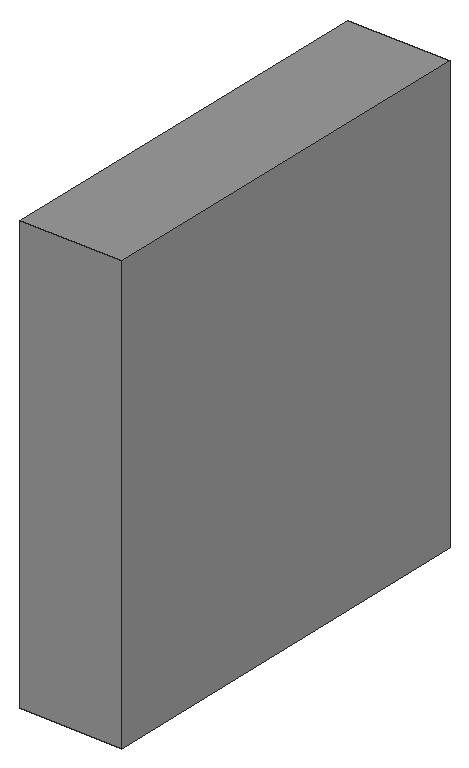
Revit family "PRE050018-FR", category Accessoire de canalisation, Revit 2017
Family settings
  Cote de connecteur circulaire = Utiliser le diamètre
  Type d'élément = Normal
  Basée sur le plan de construction = Non
  Toujours verticalement = Oui
  Couper avec des vides une fois chargée = Non
  Partagée = Non
Parameters (values of type "55130 PRESTO MITIGEUR PRESTO 5750 BEC STANDARD EMBASE TOURNANTE - PILE")
  Variantes = "55130-55131-55135-55136"
  LC = 20 mm
  Garantie = "3"
  URL Fabricant = "http://www.prestodatashare.com/centretelechargement/index.php?lang=FR&refs=55130"
  URL = "http://www.prestodatashare.com/centretelechargement/index.php?lang=FR&refs=55130"
  Lien notice d'utilisation = "http://www.prestodatashare.com/centretelechargement/support.php?lang=FR&ref=55130"
  Lien fiche produit = "http://www.prestodatashare.com/espacedoc/Fiches_Techniques/FR/55130.pdf"
  Reference = "55130"
  Pression = "1 à 5 bars"
  Polantis code = "PRE050018-FR"
  Perte de charge = 0.0 Pa
  Profondeur = 240 mm
  Modèle = "55130 PRESTO MITIGEUR PRESTO 5750 BEC STANDARD EMBASE TOURNANTE - PILE"
  Matériau = Laiton poli chromé
  Lien CCTP = "http://www.prestodatashare.com/centretelechargement/index.php?lang=FR&refs=55130"
  Largeur = 60 mm
  PC = 30 mm
  Hauteur = 256 mm
  Fonction = "Pression d'utilisation recommandée :\r\n- 1 à 5 bars\r\n\r\nDébit :\r\n- 8 l/mn par limiteur de débit intégré\r\n- Brise-jet laminaire\r\n- Dispositif anti-coup de bélier\r\n\r\nAlimentation hydraulique :\r\n- G 3/8'' (12x17)\r\n\r\nAlimentation électrique :\r\n- Pile lithium 6 volts type CRP2 dans boîtier déporté\r\n\r\nMatière et couleur de finition :\r\n- Corps en laiton chromé\r\n- Bec standard - embase tournante en laiton chromé\r\n\r\nRésistance thermique :\r\n- Résiste à une température de 75°C durant 30 minutes dans le cadre de chocs thermiques\r\n\r\nSécurité :\r\n- Fermeture automatique de l'électrovanne en cas d'écoulement > à 30s, d'usure de la pile ou de dégradation du détecteur\r\n- Ecoulement automatique de 30 secondes, 72 heures après la dernière utilisation\r\n\r\nLivré avec :\r\n- 1 Ecrou de fixation\r\n- 1 Joint et rondelle\r\n- 2 Flexibles PEX avec écrou femelle 3/8'' (12x17) avec Clapets anti-retour NF\r\n- 2 Robinets d'arrêts filtres et rosaces pour le montage applique équerre\r\n- 1 Autocollant de signalisation\r\n\r\nNormes / Agréments :\r\n- Laiton conforme aux normes NF EN1982, EN12164, NF EN12165\r\n- Résistant au brouillard salin 200 H (essai NSS) conformément à la norme NF ISO 9227"
  Flux = 0.133333 L/s
  Finition = "Corps en laiton chromé\r\r\nBec standard tournant en laiton chromé"
  Fabricant = "LES ROBINETS PRESTO S.A."
  Diamètre Nominal = 12 mm
  Description = "Mitigeur à détection (CE) sur plage avec sélecteur de température latérale. De type Presto 5750 réf. 55130 ou techniquement équivalent. Avec  bec tournant de hauteur standard. Une cellule optoélectronique, une alimentation par pile lithium 6 V intégrée dans le robinet. Limitation de la température maximale par butée réglable, régulateur de débit intégré (8 l/min). Système antiblocage interdisant l'écoulement en continu. Avec flexibles PEX et robinets d’arrêt filtres."
  Debit = "8 l/min par limiteur de débit intégré\r\r\nBrise-jet laminaire\r\r\nDispositif anti-coup de bélier"
  Raccordement = "G 3/8'' (12x17)"
  Adresse = "7, RUE RACINE - 92542 MONTROUGE CEDEX FRANCE"
Types (4, lengths in mm): name | URL Fabricant | URL | Lien notice d'utilisation | Lien fiche produit | Reference | Polantis code | Modèle | Lien CCTP | Fonction | Finition | Description
  55136 PRESTO MITIGEUR PRESTO 5750 BEC STANDARD FIXE -SECTEUR | "http://www.prestodatashare.com/centretelechargement/index.php?lang=FR&refs=55136" | "http://www.prestodatashare.com/centretelechargement/index.php?lang=FR&refs=55136" | "http://www.prestodatashare.com/centretelechargement/support.php?lang=FR&ref=55136" | "http://www.prestodatashare.com/espacedoc/Fiches_Techniques/FR/55136.pdf" | "55136" | "PRE050018c-FR" | "55136 PRESTO MITIGEUR PRESTO 5750 BEC STANDARD FIXE -SECTEUR" | "http://www.prestodatashare.com/centretelechargement/index.php?lang=FR&refs=55136" | "Pression d'utilisation recommandée :\r\n- 1 à 5 bars\r\n\r\nDébit :\r\n- 8 l/mn par limiteur de débit intégré\r\n- Brise-jet laminaire\r\n- Dispositif anti-coup de bélier\r\n\r\nAlimentation hydraulique :\r\n- G 3/8'' (12x17)\r\n\r\nAlimentation électrique :\r\n- Transformateur 230 / 7 Volts dans boîtier déporté étanche IP65\r\n\r\nMatière et couleur de finition :\r\n- Corps en laiton chromé\r\n- Bec standard fixe en laiton chromé\r\n\r\nRésistance thermique :\r\n- Résiste à une température de 75°C durant 30 minutes dans le cadre de chocs thermiques\r\n\r\nSécurité :\r\n- Fermeture automatique de l'électrovanne en cas d'écoulement > à 30s ou de dégradation du détecteur\r\n- Ecoulement automatique de 30 secondes, 72 heures après la dernière utilisation\r\n\r\nLivré avec :\r\n- 1 Ecrou de fixation\r\n- 1 Joint et rondelle\r\n- 2 Flexibles PEX avec écrou femelle 3/8'' (12x17) avec Clapets anti-retour NF\r\n- 2 Robinets d'arrêts filtres et rosaces pour le montage applique équerre\r\n- 1 Autocollant de signalisation\r\n\r\nNormes / Agréments :\r\n- Laiton conforme aux normes NF EN1982, EN12164, NF EN12165\r\n- Résistant au brouillard salin 200 H (essai NSS) conformément à la norme NF ISO 9227" | "Corps en laiton chromé\r\r\nBec standard fixe en laiton chromé" | "Mitigeur à détection (CE) sur plage avec sélecteur de température latérale. De type Presto 5750 réf. 55136 ou techniquement équivalent. Avec  bec fixe de hauteur standard. Une cellule optoélectronique, alimentation secteur (transformateur 230/7 Volt déporté dans boîtier étanche IP65). Limitation de la température maximale par butée réglable, régulateur de débit intégré (3 l/min). Système antiblocage interdisant l'écoulement en continu. Avec flexibles PEX et robinets d’arrêt filtres."
  55135 PRESTO MITIGEUR PRESTO 5750 BEC STANDARD EMBASE TOURNANTE - SECTEUR | "http://www.prestodatashare.com/centretelechargement/index.php?lang=FR&refs=55135" | "http://www.prestodatashare.com/centretelechargement/index.php?lang=FR&refs=55135" | "http://www.prestodatashare.com/centretelechargement/support.php?lang=FR&ref=55135" | "http://www.prestodatashare.com/espacedoc/Fiches_Techniques/FR/55135.pdf" | "55135" | "PRE050018b-FR" | "55135 PRESTO MITIGEUR PRESTO 5750 BEC STANDARD EMBASE TOURNANTE - SECTEUR" | "http://www.prestodatashare.com/centretelechargement/index.php?lang=FR&refs=55135" | "Pression d'utilisation recommandée :\r\n- 1 à 5 bars\r\n\r\nDébit :\r\n- 8 l/mn par limiteur de débit intégré\r\n- Brise-jet laminaire\r\n- Dispositif anti-coup de bélier\r\n\r\nAlimentation hydraulique :\r\n- G 3/8'' (12x17)\r\n\r\nAlimentation électrique :\r\n- Transformateur 230 / 7 Volts dans boîtier déporté étanche IP65\r\n\r\nMatière et couleur de finition :\r\n- Corps en laiton chromé\r\n- Bec standard - embase tournante en laiton chromé\r\n\r\nRésistance thermique :\r\n- Résiste à une température de 75°C durant 30 minutes dans le cadre de chocs thermiques\r\n\r\nSécurité :\r\n- Fermeture automatique de l'électrovanne en cas d'écoulement > à 30s ou de dégradation du détecteur\r\n- Ecoulement automatique de 30 secondes, 72 heures après la dernière utilisation\r\n\r\nLivré avec :\r\n- 1 Ecrou de fixation\r\n- 1 Joint et rondelle\r\n- 2 Flexibles PEX avec écrou femelle 3/8'' (12x17) avec Clapets anti-retour NF\r\n- 2 Robinets d'arrêts filtres et rosaces pour le montage applique équerre\r\n- 1 Autocollant de signalisation\r\n\r\nNormes / Agréments :\r\n- Laiton conforme aux normes NF EN1982, EN12164, NF EN12165\r\n- Résistant au brouillard salin 200 H (essai NSS) conformément à la norme NF ISO 9227" | "Corps en laiton chromé\r\r\nBec standard mobile en laiton chromé" | "Mitigeur à détection (CE) sur plage avec sélecteur de température latérale. De type Presto 5750 réf. 55135 ou techniquement équivalent. Avec  bec tournant de hauteur standard. Une cellule optoélectronique, alimentation secteur (transformateur 230/7 Volt déporté dans boîtier étanche IP65). Limitation de la température maximale par butée réglable, régulateur de débit intégré (3 l/min). Système antiblocage interdisant l'écoulement en continu. Avec flexibles PEX et robinets d’arrêt filtres."
  55131 PRESTO MITIGEUR PRESTO 5750 BEC STANDARD FIXE -PILE | "http://www.prestodatashare.com/centretelechargement/index.php?lang=FR&refs=55131" | "http://www.prestodatashare.com/centretelechargement/index.php?lang=FR&refs=55131" | "http://www.prestodatashare.com/centretelechargement/support.php?lang=FR&ref=55131" | "http://www.prestodatashare.com/espacedoc/Fiches_Techniques/FR/55131.pdf" | "55131" | "PRE050018a-FR" | "55131 PRESTO MITIGEUR PRESTO 5750 BEC STANDARD FIXE -PILE" | "http://www.prestodatashare.com/centretelechargement/index.php?lang=FR&refs=55131" | "Pression d'utilisation recommandée :\r\n- 1 à 5 bars\r\n\r\nDébit :\r\n- 8 l/mn par limiteur de débit intégré\r\n- Brise-jet laminaire\r\n- Dispositif anti-coup de bélier\r\n\r\nAlimentation hydraulique :\r\n- G 3/8'' (12x17)\r\n\r\nAlimentation électrique :\r\n- Pile lithium 6 volts type CRP2 dans boîtier déporté\r\n\r\nMatière et couleur de finition :\r\n- Corps en laiton chromé\r\n- Bec standard fixe en laiton chromé\r\n\r\nRésistance thermique :\r\n- Résiste à une température de 75°C durant 30 minutes dans le cadre de chocs thermiques\r\n\r\nSécurité :\r\n- Fermeture automatique de l'électrovanne en cas d'écoulement > à 30s, d'usure de la pile ou de dégradation du détecteur\r\n- Ecoulement automatique de 30 secondes, 72 heures après la dernière utilisation\r\n\r\nLivré avec :\r\n- 1 Ecrou de fixation\r\n- 1 Joint et rondelle\r\n- 2 Flexibles PEX avec écrou femelle 3/8'' (12x17) avec Clapets\r\n  anti-retour NF\r\n- 2 Robinets d'arrêts filtres et rosaces pour le montage applique équerre\r\n- 1 Autocollant de signalisation\r\n\r\nNormes / Agréments :\r\n- Laiton conforme aux normes NF EN1982, EN12164, NF EN12165\r\n- Résistant au brouillard salin 200 H (essai NSS) conformément à la norme NF ISO 9227" | "Corps en laiton chromé\r\r\nBec standard fixe en laiton chromé" | "Mitigeur à détection (CE) sur plage avec sélecteur de température latérale. De type Presto 5750 réf. 55131 ou techniquement équivalent. Avec  bec fixe de hauteur standard. Une cellule optoélectronique, une alimentation par pile lithium 6 V intégrée dans le robinet. Limitation de la température maximale par butée réglable, régulateur de débit intégré (8l/min). Système antiblocage interdisant l'écoulement en continu. Avec flexibles PEX et robinets d’arrêt filtres."
  55130 PRESTO MITIGEUR PRESTO 5750 BEC STANDARD EMBASE TOURNANTE - PILE | "http://www.prestodatashare.com/centretelechargement/index.php?lang=FR&refs=55130" | "http://www.prestodatashare.com/centretelechargement/index.php?lang=FR&refs=55130" | "http://www.prestodatashare.com/centretelechargement/support.php?lang=FR&ref=55130" | "http://www.prestodatashare.com/espacedoc/Fiches_Techniques/FR/55130.pdf" | "55130" | "PRE050018-FR" | "55130 PRESTO MITIGEUR PRESTO 5750 BEC STANDARD EMBASE TOURNANTE - PILE" | "http://www.prestodatashare.com/centretelechargement/index.php?lang=FR&refs=55130" | "Pression d'utilisation recommandée :\r\n- 1 à 5 bars\r\n\r\nDébit :\r\n- 8 l/mn par limiteur de débit intégré\r\n- Brise-jet laminaire\r\n- Dispositif anti-coup de bélier\r\n\r\nAlimentation hydraulique :\r\n- G 3/8'' (12x17)\r\n\r\nAlimentation électrique :\r\n- Pile lithium 6 volts type CRP2 dans boîtier déporté\r\n\r\nMatière et couleur de finition :\r\n- Corps en laiton chromé\r\n- Bec standard - embase tournante en laiton chromé\r\n\r\nRésistance thermique :\r\n- Résiste à une température de 75°C durant 30 minutes dans le cadre de chocs thermiques\r\n\r\nSécurité :\r\n- Fermeture automatique de l'électrovanne en cas d'écoulement > à 30s, d'usure de la pile ou de dégradation du détecteur\r\n- Ecoulement automatique de 30 secondes, 72 heures après la dernière utilisation\r\n\r\nLivré avec :\r\n- 1 Ecrou de fixation\r\n- 1 Joint et rondelle\r\n- 2 Flexibles PEX avec écrou femelle 3/8'' (12x17) avec Clapets anti-retour NF\r\n- 2 Robinets d'arrêts filtres et rosaces pour le montage applique équerre\r\n- 1 Autocollant de signalisation\r\n\r\nNormes / Agréments :\r\n- Laiton conforme aux normes NF EN1982, EN12164, NF EN12165\r\n- Résistant au brouillard salin 200 H (essai NSS) conformément à la norme NF ISO 9227" | "Corps en laiton chromé\r\r\nBec standard tournant en laiton chromé" | "Mitigeur à détection (CE) sur plage avec sélecteur de température latérale. De type Presto 5750 réf. 55130 ou techniquement équivalent. Avec  bec tournant de hauteur standard. Une cellule optoélectronique, une alimentation par pile lithium 6 V intégrée dans le robinet. Limitation de la température maximale par butée réglable, régulateur de débit intégré (8 l/min). Système antiblocage interdisant l'écoulement en continu. Avec flexibles PEX et robinets d’arrêt filtres."
Reference planes
  plane 1 "Centre (avant/arrière)": y = 0
  plane 2: z = 0
  plane 3 "Centre (gauche/droite)": x = 0
  plane 4: y = -240
  plane 5: x = 60
  plane 6: z = 256
  plane 7: x = 30
  plane 8: z = 1
  plane 9: y = -30
  plane 10: x = 20
  plane 11: x = 40
Forms (mm)
  Extrusion 1, solid, material "Laiton poli chromé" <- "Matériau", detail levels fine
    sketch origin (0, 0, 0) x (1, 0, 0) y (0, 1, 0)
      loop
        line (0, 0) -> (0, -240) -> (60, -240) -> (60, 0) -> (0, 0)
    from 0 to 256
  Extrusion 2, solid, material "Laiton poli chromé" <- "Matériau", detail levels fine
    sketch origin (0, 0, 0) x (1, 0, 0) y (0, 1, 0)
      loop
        circle (20, -30) r 5
    from 0 to 1
  Extrusion 3, solid, material "Laiton poli chromé" <- "Matériau", detail levels fine
    sketch origin (0, 0, 0) x (1, 0, 0) y (0, 1, 0)
      loop
        circle (40, -30) r 5
    from 0 to 1
Cuts and joins
  joined: Extrusion 1, Extrusion 2, Extrusion 3
Dimensions and locks
  "Profondeur": plane 1 "Centre (avant/arrière)" to plane 4
  "Largeur": plane 3 "Centre (gauche/droite)" to plane 5
  "Hauteur": plane 6 to level
  equal spacing: plane 3 "Centre (gauche/droite)", plane 7, plane 5
  locked: plane 8 to plane 2 at 1
  "PC": plane 1 "Centre (avant/arrière)" to plane 9
  "LC": plane 3 "Centre (gauche/droite)" to plane 10
  "LC": plane 11 to plane 5
  aligned and locked: level to plane 2
  aligned and locked: plane 1 "Centre (avant/arrière)" to Extrusion 1 sketch curve
  aligned and locked: plane 3 "Centre (gauche/droite)" to Extrusion 1 sketch curve
  aligned and locked: plane 4 to Extrusion 1 sketch curve
  aligned and locked: plane 5 to Extrusion 1 sketch curve
  aligned and locked: plane 6 to Extrusion 1
  aligned and locked: plane 8 to Extrusion 2
  aligned and locked: plane 8 to Extrusion 3
  aligned and locked: nested 2 to plane 5
  aligned and locked: nested 2 to plane 4
Automatic sketch dimensions
  Extrusion 2 sketch curve to plane 9 = 0 mm
  Extrusion 2 sketch curve to plane 10 = 0 mm
  Extrusion 3 sketch curve to plane 9 = 0 mm
  Extrusion 3 sketch curve to plane 11 = 0 mm
  radius of Extrusion 2 sketch curve = 5 mm
  radius of Extrusion 3 sketch curve = 5 mm
Nested families
  nested 1: "SymboliqueA6" at (0, -30, 0) x (0, 1, 0) z (0, 0, 1), type "SymboliqueA6", detail levels coarse+medium
  nested 2: "S2DA6" at (60, -120, 0) x (0, 1, 0) z (0, 0, 1), type "S2DA6", detail levels coarse+medium
Connectors
  piping at (20, -30, 0), diameter 12, driven by "Diamètre Nominal", driven by "Flux", driven by "Perte de charge"
    settings: on Extrusion 2, index 3, connector inside diameter 609.6 mm, connector length 0 mm, flow factor 0, pipe flow 0.133333 L/s, pressure drop 0.0 Pa, fitting loss kfactor 0, connector angle 0.00°, fixture units 0, engagement length 0 mm, angle of deflection 0.00°, flow configuration 0, flow direction 1, fitting loss method 4, system type 19, joint type 0, gender type 0, connector reference index -1, connector utility 0, adjustable connector no, is connector primary yes, connector description ""
  piping at (40, -30, 0), diameter 12, driven by "Flux", driven by "Perte de charge", driven by "Diamètre Nominal"
    settings: on Extrusion 3, index 4, connector inside diameter 609.6 mm, connector length 0 mm, flow factor 0, pipe flow 0.133333 L/s, pressure drop 0.0 Pa, fitting loss kfactor 0, connector angle 0.00°, fixture units 0, engagement length 0 mm, angle of deflection 0.00°, flow configuration 0, flow direction 1, fitting loss method 4, system type 20, joint type 0, gender type 0, connector reference index -1, connector utility 0, adjustable connector no, is connector primary no, connector description ""
Definition of nested family "SymboliqueA6"
  Parameters (values of type "SymboliqueA6")
    V = yes
    P = 1000 mm
    L = 1000 mm
    H = 1000 mm
  Reference planes
    plane 1 "Centre (avant/arrière)": y = 0
    plane 2: z = 0
    plane 3 "Centre (gauche/droite)": x = 0
    plane 4: y = -1000
    plane 5: x = -500
    plane 6: x = 500
    plane 7: z = 1000
    plane 8: z = 500
    plane 9: y = -500
  Lines and regions (mm)
    model lines
      curve 1: line (0, -1000, 1000) -> (0, 0, 0)
      curve 2: line (0, 0, 0) -> (0, -1000, 0)
      curve 3: line (0, -1000, 0) -> (0, 0, 1000)
      curve 4: line (0, 0, 1000) -> (0, -1000, 1000)
  Dimensions and locks
    "H": plane 7 to plane 2
    equal spacing: plane 5, plane 3 "Centre (gauche/droite)", plane 6
    "L": plane 5 to plane 6
    equal spacing: plane 7, plane 8, level
    equal spacing: plane 4, plane 9, plane 1 "Centre (avant/arrière)"
    "P": plane 1 "Centre (avant/arrière)" to plane 4
    aligned and locked: level to plane 2
  Automatic sketch dimensions
    curve 3 to level = 0 mm
    curve 1 to plane 1 "Centre (avant/arrière)" = 0 mm
    curve 1 to plane 7 = 0 mm
    curve 3 to plane 4 = 0 mm
    curve 3 to plane 1 "Centre (avant/arrière)" = 0 mm
    curve 4 to plane 4 = 0 mm
Definition of nested family "S2DA6"
  Parameters (values of type "S2DA6")
    P = 788.322 mm
    L = 1600 mm
    H = 1250.021 mm
  Reference planes
    plane 1 "Centre (avant/arrière)": y = 0
    plane 2: z = 0
    plane 3 "Centre (gauche/droite)": x = 0
    plane 4: y = 788.322
    plane 5: x = -800
    plane 6: x = 800
    plane 7: y = 394.161
    plane 8: z = 1250.021
    plane 9: z = 625.01
  Lines and regions (mm)
    symbolic lines
      curve 1: line (-800, 788.322, 0) -> (800, 0, 0)
      curve 2: line (800, 0, 0) -> (800, 788.322, 0)
      curve 3: line (800, 788.322, 0) -> (-800, 0, 0)
      curve 4: line (-800, 0, 0) -> (-800, 788.322, 0)
      curve 5: line (800, 0, 1250.021) -> (-800, 0, 1250.021)
      curve 6: line (-800, 0, 1250.021) -> (800, 0, 0)
      curve 7: line (800, 0, 0) -> (-800, 0, 0)
      curve 8: line (800, 0, 1250.021) -> (-800, 0, 0)
      curve 9: line (0, 788.322, 0) -> (0, 0, 1250.021)
      curve 10: line (0, 0, 1250.021) -> (0, 788.322, 1250.021)
      curve 11: line (0, 788.322, 1250.021) -> (0, 0, 0)
      curve 12: line (0, 0, 0) -> (0, 788.322, 0)
  Dimensions and locks
    equal spacing: plane 5, plane 3 "Centre (gauche/droite)", plane 6
    equal spacing: plane 1 "Centre (avant/arrière)", plane 7, plane 4
    "P": plane 1 "Centre (avant/arrière)" to plane 4
    "L": plane 5 to plane 6
    equal spacing: plane 8, plane 9, level
    "H": plane 8 to plane 2
    aligned and locked: level to plane 2
  Automatic sketch dimensions
    plane 1 "Centre (avant/arrière)" to curve 3 = 0 mm
    curve 1 to plane 4 = 0 mm
    curve 3 to plane 4 = 0 mm
    plane 1 "Centre (avant/arrière)" to curve 2 = 0 mm
    curve 3 to plane 6 = 0 mm
    curve 4 to plane 5 = 0 mm
    curve 10 to plane 1 "Centre (avant/arrière)" = 0 mm
    curve 10 to plane 8 = 0 mm
    curve 11 to plane 4 = 0 mm
    curve 12 to level = 0 mm
    curve 12 to plane 1 "Centre (avant/arrière)" = 0 mm
    curve 12 to plane 4 = 0 mm
    plane 5 to curve 5 = 0 mm
    curve 8 to level = 0 mm
    plane 5 to curve 8 = 0 mm
    plane 6 to curve 7 = 0 mm
    plane 6 to curve 8 = 0 mm
    curve 6 to plane 8 = 0 mm
